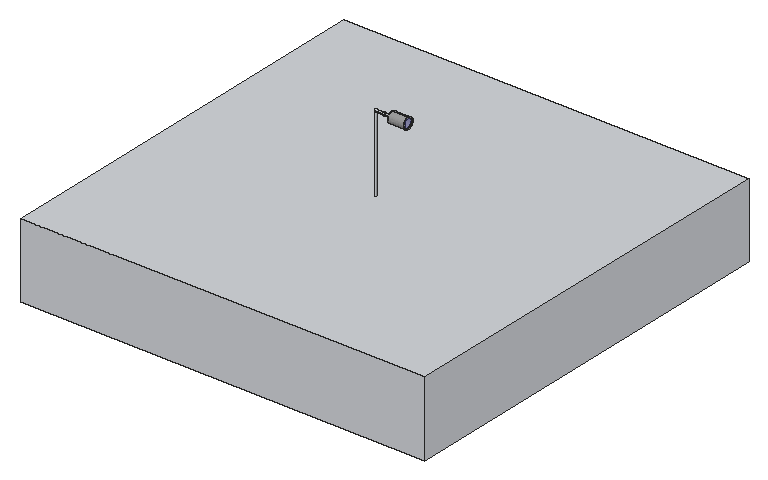
Revit family "Alcon-9170-S-24-Revit-Family", category Generic Models, host Face, Revit 2025
Family settings
  Host = Face
  Can host rebar = No
  Round Connector Dimension = Use Diameter
  Part Type = Normal
  Cut with Voids When Loaded = No
  Maintain Annotation Orientation = No
  Shared = No
  Room Calculation Point = No
Parameters
  URL = "https://www.alconlighting.com/?srsltid=AfmBOooDPhGQ0dEP-X2PMtxFfvvWpIAEL4jCll_O2F4_to5onvhnBomy"
  Product Page = "https://www.alconlighting.com/9170-s.html"
  Model = "9170-S"
  Manufacturer = "Alcon Lighting"
  Fixture Rotation = 90.00°
  Default Elevation = 4' - 0"
  Body = none
Reference planes (in)
  plane 1 "Center (Front/Back)": y = 0
  plane 2: z = 5.75
  plane 3 "Center (Left/Right)": x = 0
Forms (in)
  Extrusion 1, solid
    sketch origin (0, 0, 0) x (1, 0, 0) y (0, 1, 0)
      loop
        line (-48, 48) -> (-48, -48) -> (48, -48) -> (48, 48) -> (-48, 48)
    from 5.75 to -12
  Extrusion 2, void
    sketch origin (0.14091, 0, 0) x (1, 0, 0) y (0, 1, 0)
      loop
        line (-0.53555, 0) -> (0.35909, 0) -> (0.35909, 0.25) -> (-0.53555, 0.25) -> (-0.53555, 0)
    from 23.33198 to 24.24571
  Sweep 3, solid
    path origin (-1.98551, 0, 5.75) x (1, 0, 0) y (0, 0, 1)
      loop
        line (0, 0) -> (0, 18) -> (2.4, 18)
    profile origin (-1.98551, 0, 14.75) x (-1, 0, 0) y (0, -1, 0)
      loop
        circle (0, 0) r 0.25
Cuts and joins
  Extrusion 2 cuts Sweep 3
Lines and regions (in)
  reference lines
    curve 1: line (0, 0, 27.25) -> (0, 0, 14.75)
Dimensions and locks (in)
  "Fixture Rotation": angle nested 1 to curve 1
  aligned and locked: plane 2 to Extrusion 1
  aligned and locked: Extrusion 1 to cut or joined group of Extrusion 2, Sweep 3
Automatic sketch dimensions
  Extrusion 1 sketch curve to Extrusion 1 sketch curve = 8' - 0"  (x2)
  curve 1 to plane 3 "Center (Left/Right)" = 0' - 0"
  level to curve 1 = 1' - 2 3/4"
  curve 1 to curve 1 = 1' - 0 1/2"
  plane 1 "Center (Front/Back)" to Extrusion 2 sketch curve = 0' - 0"
  Extrusion 2 sketch curve to plane 1 "Center (Front/Back)" = 0' - 0 1/4"
  Extrusion 2 sketch curve to plane 3 "Center (Left/Right)" = 0' - 0.39464"
  plane 3 "Center (Left/Right)" to Extrusion 2 sketch curve = 0' - 0 1/2"
  level to Sweep 3 sketch curve = 0' - 5 3/4"
  Sweep 3 sketch curve to plane 3 "Center (Left/Right)" = 0' - 1.98551"
  level to Sweep 3 sketch curve = 1' - 11 3/4"
  plane 3 "Center (Left/Right)" to Sweep 3 sketch curve = 0' - 0.41449"
  Sweep 3 sketch curve to Sweep 3 sketch curve = 0' - 0"  (x2)
  Sweep 3 sketch curve to profile plane = 0' - 0"
  plane 1 "Center (Front/Back)" to Sweep 3 sketch curve = 0' - 0"
  Sweep 3 sketch curve to plane 1 "Center (Front/Back)" = 0' - 0 1/4"
Nested families (in)
  nested 1: "Alcon-9170-S-Housing-Revit-Family" at (0, 0, 23.75) x (-1, 0, 0) z (0, -1, 0), type "Alcon-9170-S-Housing-Revit-Family"
    with built-in parameter 1001306 1.7292 (stored number, unit not read)
Definition of nested family "Alcon-9170-S-Housing-Revit-Family"
  Parameters (values of type "Alcon-9170-S-Housing-Revit-Family")
    Wattage = 9.2903 W
    built-in parameter 1150110 = 1 (stored number, unit not read)
    built-in parameter 1114217 = 1 (stored number, unit not read)
    Tilt Angle = 0.00°
    built-in parameter 1150109 = 1 (stored number, unit not read)
    built-in parameter 1150134 = 3
    built-in parameter 1150113 = 1 (stored number, unit not read)
    built-in parameter 1010507 = 1.5708 (stored number, unit not read)
    built-in parameter 1010506 = 0.5236 (stored number, unit not read)
    built-in parameter 1150105 = 4614.1 (stored number, unit not read)
    Lumens = 1380 lm
    built-in parameter 1150115 = 1 (stored number, unit not read)
    Light Source Symbol Length = 10' - 0"
    built-in parameter 1150137 = (empty or 0)
    built-in parameter 1150139 = (empty or 0)
    Lens = none
    built-in parameter 1001306 [instance] = 4' - 0"
    built-in parameter 1150112 = 1 (stored number, unit not read)
    built-in parameter 1150114 = 1 (stored number, unit not read)
    built-in parameter 1150132 = (empty or 0)
    built-in parameter 1150102 = (empty or 0)
    built-in parameter 1150107 = 3200 (stored number, unit not read)
    built-in parameter 1150138 = (empty or 0)
    built-in parameter 1150106 = 46.141 (stored number, unit not read)
    Housing = none
    built-in parameter 1150104 = 13.8 (stored number, unit not read)
    Dimming Lamp Color Temperature Shift = (empty or 0)
    Default Elevation = 0' - 0"
    Color Filter = 16777215
    built-in parameter 1114218 = 1 (stored number, unit not read)
    built-in parameter 1150133 = 10 (stored number, unit not read)
  Reference planes (in)
    plane 1 "Center (Front/Back)": y = 0
    plane 2: z = 0
    plane 3 "Left": x = 0
    plane 4 "Right": x = 48
  Forms (in)
    Revolve 1, solid, material <- "Housing"
      sketch origin (-6.74627, 0, 0) x (1, 0, 0) y (0, 1, 0)
        loop
          line (4.9375, 0) -> (5, 0) -> (5, 1.25) -> (1, 1.25) -> (1, 1.1875) -> (1.16706, 1.1875) -> (1.16706, 1.125) -> (1.22956, 1.125) -> (1.22956, 1.1875) -> (4.9375, 1.1875) -> (4.9375, 0)
        axis (1, 0) -> (5, 0)
      angle from 0 to 360
    Extrusion 2, solid, material <- "Lens"
      sketch origin (-5.5792, 0, 0) x (0, 1, 0) y (0, 0, -1)
        loop
          circle (0, 0) r 1.125
      from 0 to -0.0625
    Revolve 3, solid
      sketch origin (-6.74627, 0, 0) x (1, 0, 0) y (0, 0, 1)
        loop
          line (5, 0) -> (7, 0) -> (7, 0.25) -> (5, 0.25) -> (5, 0)
        axis (5, 0) -> (7, 0)
      angle from 0 to 360
    Extrusion 4, void
      sketch origin (-6.74627, 0, 0) x (1, 0, 0) y (0, 0, 1)
        loop
          line (6.21071, -0.03618) -> (7.05246, -0.03618) -> (7.05246, 0.26972) -> (6.21071, 0.26972) -> (6.21071, -0.03618)
      from -0.49956 to 0.5
  Cuts and joins
    Extrusion 4 cuts Revolve 3
  Lines and regions (in)
    reference lines
      curve 1: line (0, 0, 0) -> (48, 0, 0)
    model lines
      curve 2: line (0, 0, 0) -> (-27.5, 0, 0)
  Dimensions and locks (in)
    "built-in parameter 1001306": plane 3 "Left" to plane 4 "Right"
    aligned and locked: plane 4 "Right" to curve 1
    aligned and locked: plane 1 "Center (Front/Back)" to curve 1
    aligned and locked: plane 3 "Left" to curve 1
    aligned and locked: level to plane 2
    aligned and locked: imposter light to Extrusion 2
  Automatic sketch dimensions
    Extrusion 4 sketch curve to level = 0' - 0.03618"
    level to Extrusion 4 sketch curve = 0' - 0.26972"
    Extrusion 4 sketch curve to plane 3 "Left" = 0' - 0.53555"
    Extrusion 4 sketch curve to Extrusion 4 sketch curve = 0' - 0.84175"
    plane 1 "Center (Front/Back)" to curve 2 = 0' - 0"
    curve 2 to plane 3 "Left" = 0' - 0"
    curve 2 to curve 2 = 2' - 3 1/2"
    Revolve 3 sketch curve to level = 0' - 0"  (x2)
    Revolve 3 sketch curve to plane 3 "Left" = 0' - 1.74627"
    Revolve 3 sketch curve to Revolve 3 sketch curve = 0' - 0 1/4"  (x2)
    Revolve 3 sketch curve to Revolve 3 sketch curve = 0' - 0.34205"
    plane 3 "Left" to Revolve 3 sketch curve = 0' - 0.25373"
    plane 1 "Center (Front/Back)" to Revolve 1 sketch curve = 0' - 0"  (x2)
    Revolve 1 sketch curve to plane 1 "Center (Front/Back)" = 0' - 1 3/16"
    Revolve 1 sketch curve to plane 3 "Left" = 0' - 5.74627"
    Revolve 1 sketch curve to plane 1 "Center (Front/Back)" = 0' - 1 1/8"
    Revolve 1 sketch curve to Revolve 1 sketch curve = 0' - 0.16706"
    Revolve 1 sketch curve to Revolve 1 sketch curve = 0' - 0 1/16"  (x3)
    Revolve 1 sketch curve to plane 3 "Left" = 0' - 1.80877"
    Revolve 1 sketch curve to Revolve 1 sketch curve = 0' - 1 3/16"
    Revolve 1 sketch curve to Revolve 1 sketch curve = 0' - 0.68502"
    Revolve 1 sketch curve to Revolve 1 sketch curve = 0' - 2.12252"
    radius of Extrusion 2 sketch curve to Revolve 1 = 0' - 0"
